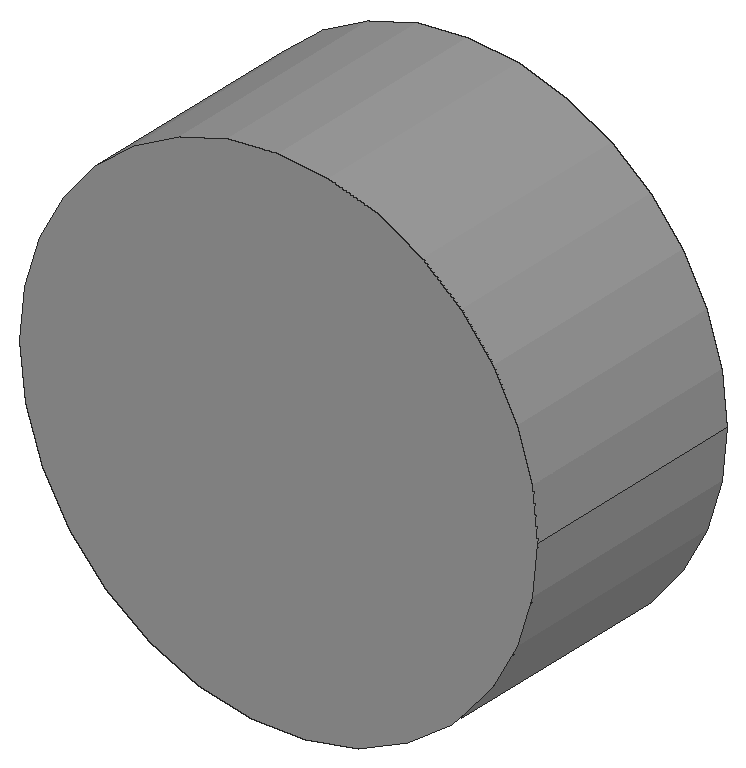
Revit family "Задание_Круглая_Стена_БезОсновы1", category Окна, Revit 2019
Family settings
  На основе рабочей плоскости = Нет
  Всегда вертикально = Да
  При загрузке вырезать с полостями = Нет
  Общий = Да
  Точка расчета площади = Нет
Parameters (values of type "Отверстие с гильзой")
  Width = 0 mm  # constant formula
  ТолщинаОсновы [instance] = 100 mm
  Согласованно [instance] = not(Несогласованно)  # no
  Смещение дуги [instance] = Размер_Диаметр / 4  # 54.75 mm
  Размер_Диаметр [instance] = if(Гильза, Диаметр гильзы, Диаметр отверстия)  # 219 mm
  Rough Width = 0 mm  # constant formula
  Rough Height = 0 mm  # constant formula
  Позиция [instance] = "1"
  Отверстие_Толщина стенки [instance] = 4 mm
  Отверстие_Отметка этажа [instance] = 0 mm
  Отверстие_Отметка от этажа [instance] = 0 mm
  Отверстие_Отметка от нуля [instance] = Отверстие_Отметка этажа + Отверстие_Отметка от этажа  # 0 mm
  Отверстие_Дисциплина [instance] = ""
  Отверстие_Дата [instance] = ""
  Отверстие = not(Гильза)  # no
  Несогласованно [instance] = yes
  Материал стены [instance] = ""
  Группа модели = "Задание"  # constant formula
  Видимость_Вниз [instance] = 0 mm
  Видимость_Вверх [instance] = 0 mm
  Коллизии [instance] = ""
  Инструкция [instance] = "https://drive.google.com/open?id=1dWthfLxqsksj-u4klXlJBslAAIWb7P7Y"
  Диаметр отверстия [instance] = 100 mm
  Диаметр гильзы [instance] = 219 mm
  Гильза = yes
  Height = 0 mm  # constant formula
  Аналитическая конструкция = "<Нет>"
  Y [instance] = 0
  X [instance] = 0
Types (2, lengths in mm): name | Согласованно | Смещение дуги | Размер_Диаметр | Отверстие | Несогласованно | Диаметр гильзы | Гильза
  Круглое отверстие | yes | 25 | 100 | yes | no | 100 | no
  Отверстие с гильзой | no | 54.75 | 219 | no | yes | 219 | yes
Reference planes
  plane 1 "По центру (Вперед/Назад)": y = 0
  plane 2: z = 0
  plane 3 "По центру (Влево/Вправо)": x = 0
  plane 4 "Y верх": y = 100
  plane 5 "Н низ": y = 0
  plane 6: z = 109.5
  plane 7 "Линия ВЕРХ": z = 109.5
  plane 8 "Линия НИЗ": z = -109.5
  plane 9: z = -109.5
  plane 10 "Центр отверстия": through (-6.856, -1524, -6.856) normal (-0.7071, 0, 0.7071)
  plane 11 "Смещение вн. дуги от центра": through (31.858, -1524, -45.57) normal (-0.7071, 0, 0.7071)
  plane 12 "ОП СимЛин ЛВ": x = -109.5
  plane 13 "ОП СимЛин ПР": x = 109.5
  plane 14: x = -10
  plane 15: x = 10
  plane 16: z = -10
  plane 17: z = 10
  plane 18: z = -20
  plane 19: z = 20
  plane 20: x = 20
  plane 21: x = -20
  plane 22: z = -114.5
  plane 23: z = 114.5
  plane 24: x = -114.5
  plane 25: x = 114.5
Forms (mm)
  Extrusion 1, solid, material "По умолчанию"
    sketch origin (0, 0, 0) x (1, 0, 0) y (0, 0, 1)
      loop
        circle (0, 0) r 109.5
    from -100 to 0
Lines and regions (mm)
  symbolic lines
    curve 1: line (109.5, 100, 0) -> (-109.5, 0, 0)
    curve 3: line (-109.5, 100, 0) -> (109.5, 100, 0)
    curve 4: line (-109.5, 0, 0) -> (-109.5, 100, 0)
    curve 5: line (109.5, 0, 0) -> (-109.5, 0, 0)
    curve 6: line (109.5, 100, 0) -> (109.5, 0, 0)
    curve 7: line (0, 100, 109.5) -> (0, 0, 109.5)
    curve 8: line (0, 100, -109.5) -> (0, 100, 109.5)
    curve 9: line (0, 0, -109.5) -> (0, 100, -109.5)
    curve 10: line (0, 0, 109.5) -> (0, 0, -109.5)
    curve 11: circle (0, 0, 0) r 109.5 normal (0, -1, 0)
    curve 12: line (-109.5, 0, 0) -> (109.5, 0, 0)
  model lines, style "InvisibleLines"
    curve 2: line (0, 0, -109.5) -> (0, 0, 109.5)
    curve 14: line (-27.399, 77.5, 0) -> (-19.899, 90, 0)
    curve 15: line (-34.899, 90, 0) -> (-27.399, 77.5, 0)
    curve 16: line (-12.399, 90, 0) -> (-12.399, 65, 0)
    curve 17: line (-12.399, 90, 0) -> (-10, 83.408, 0)
    curve 18: line (-12.399, 90, 0) -> (-14.799, 83.408, 0)
    curve 19: line (-12.399, 65, 0) -> (-10, 71.592, 0)
    curve 20: line (-12.399, 65, 0) -> (-14.799, 71.592, 0)
    curve 21: line (-27.399, 77.5, 0) -> (-27.399, 65, 0)
    curve 36: line (46.099, 36.771, 0) -> (24.886, 15.558, 0)
    curve 37: line (35.492, 26.164, 0) -> (46.099, 15.558, 0)
    curve 38: line (35.492, 26.164, 0) -> (24.886, 36.771, 0)
    curve 39: line (48.064, 7.581, 0) -> (23.064, 7.581, 0)
    curve 40: line (48.064, 7.581, 0) -> (41.471, 5.181, 0)
    curve 41: line (48.064, 7.581, 0) -> (41.471, 9.98, 0)
    curve 42: line (23.064, 7.581, 0) -> (29.656, 5.181, 0)
    curve 43: line (23.064, 7.581, 0) -> (29.656, 9.98, 0)
  symbolic lines, visible <- "Отверстие"
    curve 13: arc (77.428, 0, 77.428) -> (-47.853, 0, 47.853) -> (-77.428, 0, -77.428) r 122.425
  model lines, style "InvisibleLines", not visible
    curve 22: line (317.866, -74.537, 0) -> (325.366, -62.037, 0)
    curve 23: line (310.366, -62.037, 0) -> (317.866, -74.537, 0)
    curve 24: line (332.866, -62.037, 0) -> (332.866, -87.037, 0)
    curve 25: line (332.866, -62.037, 0) -> (335.266, -68.63, 0)
    curve 26: line (332.866, -62.037, 0) -> (330.467, -68.63, 0)
    curve 27: line (332.866, -87.037, 0) -> (335.266, -80.445, 0)
    curve 28: line (332.866, -87.037, 0) -> (330.467, -80.445, 0)
    curve 29: line (317.866, -74.537, 0) -> (317.866, -87.037, 0)
    curve 44: line (391.364, -115.267, 0) -> (370.151, -136.48, 0)
    curve 45: line (380.758, -125.873, 0) -> (391.364, -136.48, 0)
    curve 46: line (380.758, -125.873, 0) -> (370.151, -115.267, 0)
    curve 47: line (393.33, -144.456, 0) -> (368.33, -144.456, 0)
    curve 48: line (393.33, -144.456, 0) -> (386.737, -146.856, 0)
    curve 49: line (393.33, -144.456, 0) -> (386.737, -142.057, 0)
    curve 50: line (368.33, -144.456, 0) -> (374.922, -146.856, 0)
    curve 51: line (368.33, -144.456, 0) -> (374.922, -142.057, 0)
  symbolic lines, visible <- "Гильза"
    curve 30: line (0, 0, 10) -> (0, 0, -10)
    curve 31: line (-10, 0, 0) -> (10, 0, 0)
    curve 32: line (0, 0, -20) -> (0, 0, -114.5)
    curve 33: line (-20, 0, 0) -> (-114.5, 0, 0)
    curve 34: line (0, 0, 20) -> (0, 0, 114.5)
    curve 35: line (20, 0, 0) -> (114.5, 0, 0)
Dimensions and locks
  "ТолщинаОсновы": plane 5 "Н низ" to plane 4 "Y верх"
  equal spacing: plane 6, level, plane 9
  "Размер_Диаметр": plane 6 to plane 9
  "Видимость_Вниз": plane 9 to plane 8 "Линия НИЗ"
  "Видимость_Вверх": plane 7 "Линия ВЕРХ" to plane 6
  "Смещение дуги": plane 10 "Центр отверстия" to plane 11 "Смещение вн. дуги от центра"
  "Размер_Диаметр": plane 12 "ОП СимЛин ЛВ" to plane 13 "ОП СимЛин ПР"
  equal spacing: plane 12 "ОП СимЛин ЛВ", plane 3 "По центру (Влево/Вправо)", plane 13 "ОП СимЛин ПР"
  locked: plane 4 "Y верх" to curve 15 at 10
  locked: plane 24 to plane 12 "ОП СимЛин ЛВ" at 5
  locked: plane 13 "ОП СимЛин ПР" to plane 25 at 5
  locked: plane 23 to plane 7 "Линия ВЕРХ" at 5
  locked: plane 9 to plane 22 at 5
  locked: plane 17 to plane 16 at 20
  locked: plane 16 to plane 18 at 10
  locked: plane 19 to plane 17 at 10
  locked: plane 21 to plane 14 at 10
  locked: plane 14 to plane 15 at 20
  locked: plane 15 to plane 20 at 10
  "Размер_Диаметр": diameter of Extrusion 1 sketch curve
  "Размер_Диаметр": diameter of curve 11
  aligned and locked: level to plane 2
  aligned and locked: curve 2 to plane 3 "По центру (Влево/Вправо)"
  aligned and locked: curve 3 to plane 4 "Y верх"
  aligned and locked: curve 5 to plane 5 "Н низ"
  aligned and locked: curve 2 to plane 7 "Линия ВЕРХ"
  aligned and locked: Extrusion 1 to plane 4 "Y верх"
  aligned and locked: plane 5 "Н низ" to Extrusion 1
  aligned and locked: plane 8 "Линия НИЗ" to curve 2
  aligned and locked: curve 7 to plane 6
  aligned and locked: plane 9 to curve 9
  aligned and locked: curve 8 to plane 4 "Y верх"
  aligned and locked: curve 10 to plane 5 "Н низ"
  aligned and locked: plane 3 "По центру (Влево/Вправо)" to curve 11
  aligned and locked: level to curve 11
  aligned and locked: plane 11 "Смещение вн. дуги от центра" to curve 13
  aligned and locked: curve 4 to plane 12 "ОП СимЛин ЛВ"
  aligned and locked: plane 13 "ОП СимЛин ПР" to curve 6
  aligned and locked: plane 3 "По центру (Влево/Вправо)" to curve 34
  aligned and locked: curve 30 to plane 3 "По центру (Влево/Вправо)"
  aligned and locked: curve 32 to plane 3 "По центру (Влево/Вправо)"
  aligned and locked: level to curve 33
  aligned and locked: curve 31 to level
  aligned and locked: curve 35 to level
  aligned and locked: plane 1 "По центру (Вперед/Назад)" to plane 5 "Н низ"
  aligned and locked: nested 1 to curve 3
Automatic sketch dimensions
  Extrusion 1 sketch curve to level = 0 mm
  Extrusion 1 sketch curve to plane 3 "По центру (Влево/Вправо)" = 0 mm
  plane 10 "Центр отверстия" to curve 13 = 0 mm  (x2)
  curve 30 to plane 17 = 0 mm
  curve 30 to plane 16 = 0 mm
  plane 14 to curve 31 = 0 mm
  plane 15 to curve 31 = 0 mm
  curve 32 to plane 18 = 0 mm
  curve 32 to plane 22 = 0 mm
  plane 24 to curve 33 = 0 mm
  plane 21 to curve 33 = 0 mm
  curve 34 to plane 19 = 0 mm
  curve 34 to plane 23 = 0 mm
  plane 20 to curve 35 = 0 mm
  plane 25 to curve 35 = 0 mm
  curve 14 to curve 16 = 15 mm
  curve 16 to curve 42 = 35.463 mm
  curve 42 to curve 40 = 25 mm
  curve 39 to curve 16 = 57.419 mm
  curve 16 to curve 15 = 12.5 mm
  curve 14 to curve 16 = 12.5 mm
  curve 15 to curve 14 = 7.5 mm
  curve 14 to curve 16 = 7.5 mm
  curve 18 to curve 16 = 2.399 mm
  curve 20 to curve 16 = 2.399 mm
  curve 18 to curve 17 = 4.799 mm
  curve 20 to curve 19 = 4.799 mm
  curve 39 to curve 38 = 1.822 mm
  curve 39 to curve 36 = 1.822 mm
  curve 42 to curve 42 = 6.592 mm
  curve 43 to curve 42 = 0 mm
  curve 36 to curve 37 = 10.607 mm
  curve 38 to curve 37 = 0 mm
  curve 40 to curve 39 = 6.592 mm
  curve 41 to curve 40 = 0 mm
  curve 38 to curve 36 = 10.607 mm
  curve 41 to curve 37 = 4.627 mm
  curve 40 to curve 39 = 2.399 mm
  curve 42 to curve 42 = 2.399 mm
  curve 40 to curve 41 = 4.799 mm
  curve 42 to curve 43 = 4.799 mm
  curve 41 to curve 37 = 5.577 mm
  curve 43 to curve 36 = 5.577 mm
  curve 21 to curve 14 = 12.5 mm
  curve 16 to curve 19 = 6.592 mm
  curve 20 to curve 19 = 0 mm
  curve 18 to curve 16 = 6.592 mm
  curve 18 to curve 17 = 0 mm
  curve 14 to curve 15 = 12.5 mm
  curve 14 to curve 16 = 0 mm
  curve 22 to curve 24 = 15 mm
  curve 24 to curve 50 = 35.463 mm
  curve 50 to curve 48 = 25 mm
  curve 47 to curve 24 = 57.419 mm
  curve 24 to curve 23 = 12.5 mm
  curve 22 to curve 24 = 12.5 mm
  curve 23 to curve 22 = 7.5 mm
  curve 22 to curve 24 = 7.5 mm
  curve 26 to curve 24 = 2.399 mm
  curve 28 to curve 24 = 2.399 mm
  curve 26 to curve 25 = 4.799 mm
  curve 28 to curve 27 = 4.799 mm
  curve 47 to curve 46 = 1.822 mm
  curve 47 to curve 44 = 1.822 mm
  curve 50 to curve 50 = 6.592 mm
  curve 51 to curve 50 = 0 mm
  curve 44 to curve 45 = 10.607 mm
  curve 46 to curve 45 = 0 mm
  curve 48 to curve 47 = 6.592 mm
  curve 49 to curve 48 = 0 mm
  curve 46 to curve 44 = 10.607 mm
  curve 49 to curve 45 = 4.627 mm
  curve 48 to curve 47 = 2.399 mm
  curve 50 to curve 50 = 2.399 mm
  curve 48 to curve 49 = 4.799 mm
  curve 50 to curve 51 = 4.799 mm
  curve 49 to curve 45 = 5.577 mm
  curve 51 to curve 44 = 5.577 mm
  curve 29 to curve 22 = 12.5 mm
  curve 24 to curve 27 = 6.592 mm
  curve 28 to curve 27 = 0 mm
  curve 26 to curve 24 = 6.592 mm
  curve 26 to curve 25 = 0 mm
  curve 22 to curve 23 = 12.5 mm
  curve 22 to curve 24 = 0 mm
Nested families
  nested 1: "Заполнение (план)" at (0, -100, 0), Красный <- "Несогласованно", Masking length <- "Размер_Диаметр", Masking depth <- "ТолщинаОсновы", type "Красный"
    with Черный no, Красный yes, Masking length 219 mm, Masking depth 100 mm
Definition of nested family "Заполнение (план)"
  Parameters (values of type "Красный")
    Черный [instance] = not(Красный)  # no
    Красный [instance] = yes
    Assembly Code = ""
    Masking length [instance] = 400 mm
    Masking depth [instance] = 250 mm
  Types (3, lengths in mm): name | Черный | Красный | Masking depth
    Красный | no | yes | 250
    Чёрный | yes | no | 300
    Стандарт | yes | no | 300
  Reference planes
    plane 1 "Break Line": y = 25
    plane 2: z = 0
    plane 3: x = -200
    plane 4: x = 200
    plane 5: y = 275
    plane 6: x = 0
    plane 7: y = 150
  Lines and regions (mm)
    Filled region 1, type "Черный", in view "Ground floor", visible <- "Черный"
      outline origin (0, 0, 0) x (1, 0, 0) y (0, 1, 0)
        loop
          line (-200, 25) -> (200, 25) -> (200, 275) -> (-200, 275) -> (-200, 25)
    Filled region 2, type "Красный", in view "Ground floor", visible <- "Красный"
      outline origin (0, 0, 0) x (1, 0, 0) y (0, 1, 0)
        loop
          line (-200, 25) -> (200, 25) -> (200, 275) -> (-200, 275) -> (-200, 25)
    detail lines, in view "Ground floor"
      curve 1: line (-200, 275, 0) -> (200, 25, 0)
      curve 2: line (-200, 25, 0) -> (200, 275, 0)
  Dimensions and locks
    "Masking depth": plane 1 "Break Line" to plane 5
    "Masking length": plane 3 to plane 4
    equal spacing: plane 3, plane 6, plane 4
    equal spacing: plane 1 "Break Line", plane 7, plane 5
    aligned and locked: plane 3 to Filled region 1
    aligned and locked: plane 5 to Filled region 1 sketch curve
    aligned and locked: plane 1 "Break Line" to Filled region 1 sketch curve
    aligned and locked: plane 4 to Filled region 1 sketch curve
    aligned and locked: Filled region 1 sketch curve to plane 3
    aligned and locked: plane 5 to curve 1
    aligned and locked: plane 4 to curve 1
    aligned and locked: plane 3 to curve 2
    aligned and locked: plane 5 to curve 2
    aligned and locked: Filled region 2 to plane 4
    aligned and locked: Filled region 2 to plane 5
    aligned and locked: plane 3 to Filled region 2
    aligned and locked: plane 1 "Break Line" to Filled region 2
    aligned and locked: Filled region 2 sketch curve to plane 3
    aligned and locked: plane 4 to Filled region 2 sketch curve
    aligned and locked: plane 5 to Filled region 2 sketch curve
    aligned and locked: plane 1 "Break Line" to Filled region 2 sketch curve
  Automatic sketch dimensions
    curve 1 to plane 3 = 0 mm
    curve 2 to plane 4 = 0 mm
    plane 1 "Break Line" to curve 1 = 0 mm
    plane 1 "Break Line" to curve 2 = 0 mm
